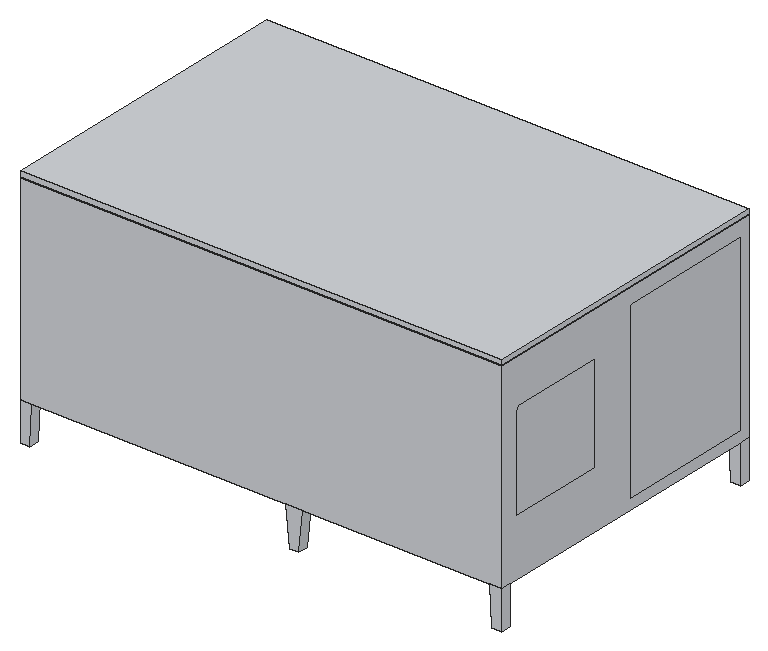
Revit family "AHU 8 _8", category Mechanické zařízení, Revit 2018
Family settings
  Kóta kulaté spojky = Použít průměr
  Typ dílu = Normální
  Číslo OmniClass = 23.75.00.00
  Nadpis OmniClass = Climate Control (HVAC)
  Založené na pracovní rovině = Ne
  Vždy vertikální = Ano
  Ořezat dutým tvarem při načtení = Ne
  Sdílené = Ne
  Bod výpočtu místnosti = Ne
Parameters (values of type "DUPLEXVENT 5500 Multi Eco")
  Width [instance] = 1.6 mm
  Weight [instance] = 493.00 kg
  URL = ""
  Type [instance] = "DUPLEXVENT 5500 Multi Eco"
  Total_SFP [instance] = 0
  Supply_outlet_hum [instance] = 90
  Supply_inlet_hum [instance] = 90
  Supply_ext_pressure [instance] = 0.0 Pa
  Supply_SFP [instance] = 0
  Source_adu_file [instance] = ""
  Recuperation_type [instance] = "Plate heat recovery exchanger"
  Recuperation_efficiency_EN308 [instance] = 0
  Project_name [instance] = ""
  Project_date [instance] = "10.8.2023"
  Power_supply_fusing [instance] = "0"
  Power_supply_cable [instance] = "0"
  Position [instance] = "AHU 8 "
  Phases_count [instance] = 3
  Panel_thickness [instance] = 0.06 mm
  Outer_surface [instance] = "RAL 9002"
  Length [instance] = 2.5 mm
  Insulation_type [instance] = "PUR"
  Insulation_thickness [instance] = 0.05 mm
  Installation_environment [instance] = ""
  Input_power_max [instance] = 6600 W
  Inner_surface [instance] = "Pozink"
  I2 [instance] = I1  # 0.0 L/s
  Height [instance] = 1.065 mm
  Exhaust_outlet_hum [instance] = 0
  Exhaust_inlet_hum [instance] = 40
  Exhaust_ext_pressure [instance] = 0.0 Pa
  Exhaust_SFP [instance] = 0
  E1 [instance] = E2 - M1  # 0.0 L/s
  E2 [instance] = 0.0 L/s
  I1 [instance] = 0.0 L/s
  Description = ""
  M1 [instance] = 0.0 L/s
  Device_dutypoint_version [instance] = "2"
  Device_design_version [instance] = "17"
  Device_adu_id [instance] = "8"
  Current_max [instance] = 10.8 A
  Casing_mat [instance] = "painted zinc layer"
  Cable type [instance] = "CYKY 5Jx2,5"
Reference planes
  plane 1 "Střed (vpředu/vzadu)": y = 0
  plane 2 "ref": z = 0
  plane 3 "Střed (vlevo/vpravo)": x = 0
Forms (mm)
  Sweep 1, solid
    path origin (0, 0, -1035) x (0, 0, 1) y (1, 0, 0)
      loop
        line (0, 0) -> (1035, 0)
    profile origin (0, 0, -1035) x (1, 0, 0) y (0, 1, 0)
      loop
        line (0, 0) -> (2500, 0) -> (2500, 1600) -> (0, 1600) -> (0, 0)
  Sweep 2, solid
    path origin (0, 0, 0) x (0, 0, 1) y (1, 0, 0)
      loop
        line (0, 0) -> (30, 0)
    profile origin (0, 0, 0) x (1, 0, 0) y (0, 1, 0)
      loop
        line (0, 0) -> (2500, 0) -> (2500, 1600) -> (0, 1600) -> (0, 0)
  Sweep 3, solid
    path origin (1, 350, -485) x (0, 1, 0) y (-1, 0, 0)
      loop
        line (0, 0) -> (0, 1)
    profile origin (1, 350, -485) x (0, -1, 0) y (0, 0, 1)
      loop
        line (-250, 250) -> (-250, -250) -> (250, -250) -> (250, 250) -> (-250, 250)
  Sweep 4, solid
    path origin (2499, 1190, -530) x (1, 0, 0) y (0, 1, 0)
      loop
        line (0, 0) -> (1, 0)
    profile origin (2499, 1190, -530) x (0, 1, 0) y (0, 0, 1)
      loop
        line (355, 450) -> (-355, 450) -> (-355, -450) -> (355, -450) -> (355, 450)
  Sweep 5, solid
    path origin (2499, 350, -485) x (1, 0, 0) y (0, 1, 0)
      loop
        line (0, 0) -> (1, 0)
    profile origin (2499, 350, -485) x (0, 1, 0) y (0, 0, 1)
      loop
        line (250, 250) -> (-250, 250) -> (-250, -250) -> (250, -250) -> (250, 250)
  Sweep 6, solid
    path origin (1, 1190, -530) x (0, 1, 0) y (-1, 0, 0)
      loop
        line (0, 0) -> (0, 1)
    profile origin (1, 1190, -530) x (0, -1, 0) y (0, 0, 1)
      loop
        line (-355, 450) -> (-355, -450) -> (355, -450) -> (355, 450) -> (-355, 450)
  Sweep 7, solid
    path origin (504, 1508, -1035) x (0, -1, 0) y (0, 0, 1)
      loop
        line (0, 0) -> (0, -150)
    profile origin (504, 1508, -1035) x (-1, 0, 0) y (0, -1, 0)
      loop
        circle (0, 0) r 26
  Sweep 8, solid
    path origin (1308, 1508, -1035) x (0, -1, 0) y (0, 0, 1)
      loop
        line (0, 0) -> (0, -150)
    profile origin (1308, 1508, -1035) x (-1, 0, 0) y (0, -1, 0)
      loop
        circle (0, 0) r 26
  Sweep 9, solid
    path origin (0, 0, 5) x (0, 0, 1) y (1, 0, 0)
      loop
        line (0, 0) -> (25, 0)
    profile origin (0, 0, 5) x (1, 0, 0) y (0, 1, 0)
      loop
        line (0, 0) -> (2500, 0) -> (2500, 1600) -> (0, 1600) -> (0, 0)
  Sweep 10, solid
    path origin (25, 50, -1035) x (1, 0, 0) y (0, 1, 0)
      loop
        line (0, 0) -> (0, -50)
    profile origin (25, 50, -1035) x (1, 0, 0) y (0, 0, 1)
      loop
        line (-25, 0) -> (-25, -200) -> (25, -200) -> (35, 0) -> (-25, 0)
  Sweep 11, solid
    path origin (2475, 50, -1035) x (1, 0, 0) y (0, 1, 0)
      loop
        line (0, 0) -> (0, -50)
    profile origin (2475, 50, -1035) x (1, 0, 0) y (0, 0, 1)
      loop
        line (-35, 0) -> (-25, -200) -> (25, -200) -> (25, 0) -> (-35, 0)
  Sweep 12, solid
    path origin (25, 1600, -1035) x (1, 0, 0) y (0, 1, 0)
      loop
        line (0, 0) -> (0, -50)
    profile origin (25, 1600, -1035) x (1, 0, 0) y (0, 0, 1)
      loop
        line (-25, 0) -> (-25, -200) -> (25, -200) -> (35, 0) -> (-25, 0)
  Sweep 13, solid
    path origin (2475, 1600, -1035) x (1, 0, 0) y (0, 1, 0)
      loop
        line (0, 0) -> (0, -50)
    profile origin (2475, 1600, -1035) x (1, 0, 0) y (0, 0, 1)
      loop
        line (-35, 0) -> (-25, -200) -> (25, -200) -> (25, 0) -> (-35, 0)
  Sweep 14, solid
    path origin (1422, 50, -1035) x (1, 0, 0) y (0, 1, 0)
      loop
        line (0, 0) -> (0, -50)
    profile origin (1422, 50, -1035) x (1, 0, 0) y (0, 0, 1)
      loop
        line (-45, 0) -> (-25, -200) -> (25, -200) -> (45, 0) -> (-45, 0)
  Sweep 15, solid
    path origin (1162, 1600, -1035) x (1, 0, 0) y (0, 1, 0)
      loop
        line (0, 0) -> (0, -50)
    profile origin (1162, 1600, -1035) x (1, 0, 0) y (0, 0, 1)
      loop
        line (-45, 0) -> (-25, -200) -> (25, -200) -> (45, 0) -> (-45, 0)
  Sweep 16, solid
    path origin (1292, 830, -1035) x (1, 0, 0) y (0, 1, 0)
      loop
        line (0, 0) -> (0, -50)
    profile origin (1292, 830, -1035) x (1, 0, 0) y (0, 0, 1)
      loop
        line (-45, 0) -> (-25, -200) -> (25, -200) -> (45, 0) -> (-45, 0)
  Sweep 17, solid
    path origin (0, 0, -958) x (0, 0, 1) y (1, 0, 0)
      loop
        line (0, 0) -> (305, 0)
    profile origin (0, 0, -958) x (1, 0, 0) y (0, 1, 0)
      loop
        line (675, 1600) -> (1080, 1600) -> (1080, 1690) -> (675, 1690) -> (675, 1600)
  Sweep 18, solid
    path origin (675, 1645, -805) x (0, 0, -1) y (1, 0, 0)
      loop
        line (0, 0) -> (0, -1)
    profile origin (675, 1645, -805) x (0, 0, -1) y (0, -1, 0)
      loop
        circle (0, 0) r 10
Lines and regions (mm)
  model lines, style "Symbol"
    curve 1: line (1025, 0, 30) -> (1025, 320, 30)
    curve 2: line (1025, 1600, 30) -> (1025, 1280, 30)
    curve 3: line (0, 800, 30) -> (545, 800, 30)
    curve 4: line (2500, 800, 30) -> (1505, 800, 30)
    curve 5: line (545, 800, 30) -> (785, 1280, 30)
    curve 6: line (785, 1280, 30) -> (1265, 1280, 30)
    curve 7: line (1265, 1280, 30) -> (1505, 800, 30)
    curve 8: line (1505, 800, 30) -> (1265, 320, 30)
    curve 9: line (1265, 320, 30) -> (1025, 320, 30)
    curve 10: line (1025, 320, 30) -> (785, 320, 30)
    curve 11: line (785, 320, 30) -> (545, 800, 30)
    curve 12: line (2148, 1314, 30) -> (2404, 1270, 30)
    curve 13: line (2148, 1086, 30) -> (2404, 1130, 30)
    curve 14: line (352, 1086, 30) -> (96, 1130, 30)
    curve 15: line (352, 1314, 30) -> (96, 1270, 30)
    curve 16: line (50, 160, 30) -> (50, 640, 30)
    curve 17: line (50, 640, 30) -> (200, 640, 30)
    curve 18: line (200, 640, 30) -> (200, 160, 30)
    curve 19: line (200, 160, 30) -> (50, 160, 30)
    curve 20: line (125, 160, 30) -> (200, 400, 30)
    curve 21: line (125, 640, 30) -> (200, 400, 30)
    curve 22: line (2450, 640, 30) -> (2450, 160, 30)
    curve 23: line (2450, 160, 30) -> (2300, 160, 30)
    curve 24: line (2300, 160, 30) -> (2300, 640, 30)
    curve 25: line (2300, 640, 30) -> (2450, 640, 30)
    curve 26: line (2375, 640, 30) -> (2300, 400, 30)
    curve 27: line (2375, 160, 30) -> (2300, 400, 30)
    curve 28: line (698, 280, 30) -> (480, 708, 30)
    curve 29: line (480, 708, 30) -> (552, 744, 30)
    curve 30: line (552, 744, 30) -> (770, 316, 30)
    curve 31: line (770, 316, 30) -> (698, 280, 30)
    curve 32: line (567, 554, 30) -> (595, 641, 30)
    curve 33: line (655, 383, 30) -> (683, 470, 30)
    curve 34: line (470, 1508, -1035) -> (538, 1508, -1035)
    curve 35: line (504, 1474, -1035) -> (504, 1542, -1035)
    curve 36: line (1274, 1508, -1035) -> (1342, 1508, -1035)
    curve 37: line (1308, 1474, -1035) -> (1308, 1542, -1035)
    curve 38: line (0, 0, 1330) -> (0, 0, 30)
    curve 39: line (2500, 0, 1330) -> (2500, 0, 30)
    curve 40: line (0, 0, 1330) -> (2500, 0, 1330)
    curve 41: line (0, 1600, 1330) -> (0, 1600, 30)
    curve 42: line (2500, 1600, 1330) -> (2500, 1600, 30)
    curve 43: line (0, 1600, 1330) -> (2500, 1600, 1330)
    curve 44: line (0, 0, 1330) -> (0, 1600, 1330)
    curve 45: line (2500, 0, 1330) -> (2500, 1600, 1330)
    curve 46: line (0, 1400, 1330) -> (200, 1600, 1330)
    curve 47: line (0, 1200, 1330) -> (400, 1600, 1330)
    curve 48: line (0, 1000, 1330) -> (600, 1600, 1330)
    curve 49: line (0, 800, 1330) -> (800, 1600, 1330)
    curve 50: line (0, 600, 1330) -> (1000, 1600, 1330)
    curve 51: line (0, 400, 1330) -> (1200, 1600, 1330)
    curve 52: line (0, 200, 1330) -> (1400, 1600, 1330)
    curve 53: line (0, 0, 1330) -> (1600, 1600, 1330)
    curve 54: line (200, 0, 1330) -> (1800, 1600, 1330)
    curve 55: line (400, 0, 1330) -> (2000, 1600, 1330)
    curve 56: line (600, 0, 1330) -> (2200, 1600, 1330)
    curve 57: line (800, 0, 1330) -> (2400, 1600, 1330)
    curve 58: line (1000, 0, 1330) -> (2500, 1500, 1330)
    curve 59: line (1200, 0, 1330) -> (2500, 1300, 1330)
    curve 60: line (1400, 0, 1330) -> (2500, 1100, 1330)
    curve 61: line (1600, 0, 1330) -> (2500, 900, 1330)
    curve 62: line (1800, 0, 1330) -> (2500, 700, 1330)
    curve 63: line (2000, 0, 1330) -> (2500, 500, 1330)
    curve 64: line (2200, 0, 1330) -> (2500, 300, 1330)
    curve 65: line (2400, 0, 1330) -> (2500, 100, 1330)
    curve 66: line (2500, 1400, 1330) -> (2500, 1600, 1130)
    curve 67: line (2500, 1200, 1330) -> (2500, 1600, 930)
    curve 68: line (2500, 1000, 1330) -> (2500, 1600, 730)
    curve 69: line (2500, 800, 1330) -> (2500, 1600, 530)
    curve 70: line (2500, 600, 1330) -> (2500, 1600, 330)
    curve 71: line (2500, 400, 1330) -> (2500, 1600, 130)
    curve 72: line (2500, 200, 1330) -> (2500, 1500, 30)
    curve 73: line (2500, 0, 1330) -> (2500, 1300, 30)
    curve 74: line (2500, 0, 1130) -> (2500, 1100, 30)
    curve 75: line (2500, 0, 930) -> (2500, 900, 30)
    curve 76: line (2500, 0, 730) -> (2500, 700, 30)
    curve 77: line (2500, 0, 530) -> (2500, 500, 30)
    curve 78: line (2500, 0, 330) -> (2500, 300, 30)
    curve 79: line (2500, 0, 130) -> (2500, 100, 30)
    curve 80: line (0, 1600, 1130) -> (200, 1600, 1330)
    curve 81: line (0, 1600, 930) -> (400, 1600, 1330)
    curve 82: line (0, 1600, 730) -> (600, 1600, 1330)
    curve 83: line (0, 1600, 530) -> (800, 1600, 1330)
    curve 84: line (0, 1600, 330) -> (1000, 1600, 1330)
    curve 85: line (0, 1600, 130) -> (1200, 1600, 1330)
    curve 86: line (100, 1600, 30) -> (1400, 1600, 1330)
    curve 87: line (300, 1600, 30) -> (1600, 1600, 1330)
    curve 88: line (500, 1600, 30) -> (1800, 1600, 1330)
    curve 89: line (700, 1600, 30) -> (2000, 1600, 1330)
    curve 90: line (900, 1600, 30) -> (2200, 1600, 1330)
    curve 91: line (1100, 1600, 30) -> (2400, 1600, 1330)
    curve 92: line (1300, 1600, 30) -> (2500, 1600, 1230)
    curve 93: line (1500, 1600, 30) -> (2500, 1600, 1030)
    curve 94: line (1700, 1600, 30) -> (2500, 1600, 830)
    curve 95: line (1900, 1600, 30) -> (2500, 1600, 630)
    curve 96: line (2100, 1600, 30) -> (2500, 1600, 430)
    curve 97: line (2300, 1600, 30) -> (2500, 1600, 230)
    curve 98: line (0, 2320, 0) -> (0, 1600, 0)
    curve 99: line (2500, 2320, 0) -> (2500, 1600, 0)
    curve 100: line (0, 2320, 0) -> (2500, 2320, 0)
    curve 101: line (0, 2320, -1035) -> (0, 1600, -1035)
    curve 102: line (2500, 2320, -1035) -> (2500, 1600, -1035)
    curve 103: line (0, 2320, -1035) -> (2500, 2320, -1035)
    curve 104: line (0, 2320, 0) -> (0, 2320, -1035)
    curve 105: line (2500, 2320, 0) -> (2500, 2320, -1035)
    curve 106: line (0, 2320, -835) -> (200, 2320, -1035)
    curve 107: line (0, 2320, -635) -> (400, 2320, -1035)
    curve 108: line (0, 2320, -435) -> (600, 2320, -1035)
    curve 109: line (0, 2320, -235) -> (800, 2320, -1035)
    curve 110: line (0, 2320, -35) -> (1000, 2320, -1035)
    curve 111: line (165, 2320, 0) -> (1200, 2320, -1035)
    curve 112: line (365, 2320, 0) -> (1400, 2320, -1035)
    curve 113: line (565, 2320, 0) -> (1600, 2320, -1035)
    curve 114: line (765, 2320, 0) -> (1800, 2320, -1035)
    curve 115: line (965, 2320, 0) -> (2000, 2320, -1035)
    curve 116: line (1165, 2320, 0) -> (2200, 2320, -1035)
    curve 117: line (1365, 2320, 0) -> (2400, 2320, -1035)
    curve 118: line (1565, 2320, 0) -> (2500, 2320, -935)
    curve 119: line (1765, 2320, 0) -> (2500, 2320, -735)
    curve 120: line (1965, 2320, 0) -> (2500, 2320, -535)
    curve 121: line (2165, 2320, 0) -> (2500, 2320, -335)
    curve 122: line (2365, 2320, 0) -> (2500, 2320, -135)
    curve 123: line (2500, 2320, -835) -> (2500, 2120, -1035)
    curve 124: line (2500, 2320, -635) -> (2500, 1920, -1035)
    curve 125: line (2500, 2320, -435) -> (2500, 1720, -1035)
    curve 126: line (2500, 2320, -235) -> (2500, 1600, -955)
    curve 127: line (2500, 2320, -35) -> (2500, 1600, -755)
    curve 128: line (2500, 2155, 0) -> (2500, 1600, -555)
    curve 129: line (2500, 1955, 0) -> (2500, 1600, -355)
    curve 130: line (2500, 1755, 0) -> (2500, 1600, -155)
    curve 131: line (0, 2120, -1035) -> (200, 2320, -1035)
    curve 132: line (0, 1920, -1035) -> (400, 2320, -1035)
    curve 133: line (0, 1720, -1035) -> (600, 2320, -1035)
    curve 134: line (80, 1600, -1035) -> (800, 2320, -1035)
    curve 135: line (280, 1600, -1035) -> (1000, 2320, -1035)
    curve 136: line (480, 1600, -1035) -> (1200, 2320, -1035)
    curve 137: line (680, 1600, -1035) -> (1400, 2320, -1035)
    curve 138: line (880, 1600, -1035) -> (1600, 2320, -1035)
    curve 139: line (1080, 1600, -1035) -> (1800, 2320, -1035)
    curve 140: line (1280, 1600, -1035) -> (2000, 2320, -1035)
    curve 141: line (1480, 1600, -1035) -> (2200, 2320, -1035)
    curve 142: line (1680, 1600, -1035) -> (2400, 2320, -1035)
    curve 143: line (1880, 1600, -1035) -> (2500, 2220, -1035)
    curve 144: line (2080, 1600, -1035) -> (2500, 2020, -1035)
    curve 145: line (2280, 1600, -1035) -> (2500, 1820, -1035)
    curve 146: line (2480, 1600, -1035) -> (2500, 1620, -1035)
    curve 147: line (2500, 0, -1235) -> (2500, 0, -1035)
    curve 148: line (0, 0, -1235) -> (0, 0, -1035)
    curve 149: line (2500, 0, -1235) -> (0, 0, -1235)
    curve 150: line (2500, 1600, -1235) -> (2500, 1600, -1035)
    curve 151: line (0, 1600, -1235) -> (0, 1600, -1035)
    curve 152: line (2500, 1600, -1235) -> (0, 1600, -1235)
    curve 153: line (2500, 0, -1235) -> (2500, 1600, -1235)
    curve 154: line (0, 0, -1235) -> (0, 1600, -1235)
    curve 155: line (2500, 1400, -1235) -> (2300, 1600, -1235)
    curve 156: line (2500, 1200, -1235) -> (2100, 1600, -1235)
    curve 157: line (2500, 1000, -1235) -> (1900, 1600, -1235)
    curve 158: line (2500, 800, -1235) -> (1700, 1600, -1235)
    curve 159: line (2500, 600, -1235) -> (1500, 1600, -1235)
    curve 160: line (2500, 400, -1235) -> (1300, 1600, -1235)
    curve 161: line (2500, 200, -1235) -> (1100, 1600, -1235)
    curve 162: line (2500, 0, -1235) -> (900, 1600, -1235)
    curve 163: line (2300, 0, -1235) -> (700, 1600, -1235)
    curve 164: line (2100, 0, -1235) -> (500, 1600, -1235)
    curve 165: line (1900, 0, -1235) -> (300, 1600, -1235)
    curve 166: line (1700, 0, -1235) -> (100, 1600, -1235)
    curve 167: line (1500, 0, -1235) -> (0, 1500, -1235)
    curve 168: line (1300, 0, -1235) -> (0, 1300, -1235)
    curve 169: line (1100, 0, -1235) -> (0, 1100, -1235)
    curve 170: line (900, 0, -1235) -> (0, 900, -1235)
    curve 171: line (700, 0, -1235) -> (0, 700, -1235)
    curve 172: line (500, 0, -1235) -> (0, 500, -1235)
    curve 173: line (300, 0, -1235) -> (0, 300, -1235)
    curve 174: line (100, 0, -1235) -> (0, 100, -1235)
    curve 175: line (0, 1400, -1235) -> (0, 1600, -1035)
    curve 176: line (0, 1200, -1235) -> (0, 1400, -1035)
    curve 177: line (0, 1000, -1235) -> (0, 1200, -1035)
    curve 178: line (0, 800, -1235) -> (0, 1000, -1035)
    curve 179: line (0, 600, -1235) -> (0, 800, -1035)
    curve 180: line (0, 400, -1235) -> (0, 600, -1035)
    curve 181: line (0, 200, -1235) -> (0, 400, -1035)
    curve 182: line (0, 0, -1235) -> (0, 200, -1035)
    curve 183: line (2500, 1600, -1035) -> (2300, 1600, -1235)
    curve 184: line (2300, 1600, -1035) -> (2100, 1600, -1235)
    curve 185: line (2100, 1600, -1035) -> (1900, 1600, -1235)
    curve 186: line (1900, 1600, -1035) -> (1700, 1600, -1235)
    curve 187: line (1700, 1600, -1035) -> (1500, 1600, -1235)
    curve 188: line (1500, 1600, -1035) -> (1300, 1600, -1235)
    curve 189: line (1300, 1600, -1035) -> (1100, 1600, -1235)
    curve 190: line (1100, 1600, -1035) -> (900, 1600, -1235)
    curve 191: line (900, 1600, -1035) -> (700, 1600, -1235)
    curve 192: line (700, 1600, -1035) -> (500, 1600, -1235)
    curve 193: line (500, 1600, -1035) -> (300, 1600, -1235)
    curve 194: line (300, 1600, -1035) -> (100, 1600, -1235)
    curve 195: line (100, 1600, -1035) -> (0, 1600, -1135)
    curve 196: line (0, 0, 30) -> (0, 1600, 30)
    curve 197: line (0, 1600, 30) -> (1120, 1600, 30)
    curve 198: line (1120, 1600, 30) -> (1120, 0, 30)
    curve 199: line (1120, 0, 30) -> (0, 0, 30)
    curve 200: line (1380, 0, 30) -> (1380, 1600, 30)
    curve 201: line (1380, 1600, 30) -> (2500, 1600, 30)
    curve 202: line (2500, 1600, 30) -> (2500, 0, 30)
    curve 203: line (2500, 0, 30) -> (1380, 0, 30)
    curve 204: line (0, 0, 30) -> (2500, 0, 30)
    curve 205: line (0, 1600, 30) -> (2500, 1600, 30)
    curve 206: line (0, 0, 30) -> (0, 1600, 30)
    curve 207: line (2500, 0, 30) -> (2500, 1600, 30)
    curve 208: line (0, 0, 30) -> (0, 0, 5)
    curve 209: line (2500, 0, 30) -> (2500, 0, 5)
    curve 210: line (0, 1600, 30) -> (0, 1600, 5)
    curve 211: line (2500, 1600, 30) -> (2500, 1600, 5)
    curve 212: circle (2260, 1200, 30) r 160 normal (0, 0, 1)
    curve 213: circle (240, 1200, 30) r 160 normal (0, 0, 1)
    curve 214: circle (581, 598, 30) r 12 normal (0, 0, 1)
    curve 215: circle (669, 426, 30) r 12 normal (0, 0, 1)
    curve 216: circle (504, 1508, -1035) r 26 normal (0, 0, 1)
    curve 217: circle (1308, 1508, -1035) r 26 normal (0, 0, 1)
Dimensions and locks
  aligned and locked: level to plane 2 "ref"
Connectors
  hvac at (0, 350, -485), driven by "E1"
    settings: on Sweep 3, index 1, duct flow 0.0 L/s, flow factor 0, pres drop 0.0 Pa, loss coef 0, conn angle 0.00°, conn width 500 mm, conn height 500 mm, conn diameter 609.6 mm, duct sys type 1, conn prof type 1, flow config 1, flow direction 1, loss method 0, conn ref index -1, conn util no, is conn primary yes, conn desc ""
  hvac at (2500, 1190, -530), driven by "E2"
    settings: on Sweep 4, index 2, duct flow 0.0 L/s, flow factor 1, pres drop 0.0 Pa, loss coef 0, conn angle 0.00°, conn width 710 mm, conn height 900 mm, conn diameter 609.6 mm, duct sys type 1, conn prof type 1, flow config 2, flow direction 2, loss method 0, conn ref index -1, conn util no, is conn primary no, conn desc ""
  hvac at (2500, 350, -485), driven by "I1"
    settings: on Sweep 5, index 3, duct flow 0.0 L/s, flow factor 1, pres drop 0.0 Pa, loss coef 0, conn angle 0.00°, conn width 500 mm, conn height 500 mm, conn diameter 609.6 mm, duct sys type 3, conn prof type 1, flow config 2, flow direction 1, loss method 0, conn ref index -1, conn util no, is conn primary no, conn desc ""
  hvac at (0, 1190, -530), driven by "I2"
    settings: on Sweep 6, index 4, duct flow 0.0 L/s, flow factor 0, pres drop 0.0 Pa, loss coef 0, conn angle 0.00°, conn width 710 mm, conn height 900 mm, conn diameter 609.6 mm, duct sys type 3, conn prof type 1, flow config 1, flow direction 2, loss method 0, conn ref index -1, conn util no, is conn primary no, conn desc ""
  piping at (504, 1508, -1185), diameter 40
    settings: on Sweep 7, index 5, connector inside diameter 609.6 mm, connector length 0 mm, flow factor 0, pipe flow 0.0 L/s, pressure drop 0.0 Pa, fitting loss kfactor 0, connector angle 0.00°, fixture units 0, engagement length 0 mm, angle of deflection 0.00°, flow configuration 1, flow direction 2, fitting loss method 0, system type 16, joint type 0, gender type 0, connector reference index -1, connector utility 0, adjustable connector no, is connector primary yes, connector description ""
  piping at (1308, 1508, -1185), diameter 40
    settings: on Sweep 8, index 6, connector inside diameter 609.6 mm, connector length 0 mm, flow factor 0, pipe flow 0.0 L/s, pressure drop 0.0 Pa, fitting loss kfactor 0, connector angle 0.00°, fixture units 0, engagement length 0 mm, angle of deflection 0.00°, flow configuration 1, flow direction 2, fitting loss method 0, system type 16, joint type 0, gender type 0, connector reference index -1, connector utility 0, adjustable connector no, is connector primary no, connector description ""
  electrical at (674, 1645, -805)
    settings: on Sweep 18, index 7, voltage 400 V, apparent load 0 VA, apparent load phase1 0 VA, apparent load phase2 0 VA, apparent load phase3 0 VA, power factor 1, load classification "Další", number of poles 3, system type 31, power factor state 1, is connector primary yes, connector utility no, sub classification motor no, connector description ""
